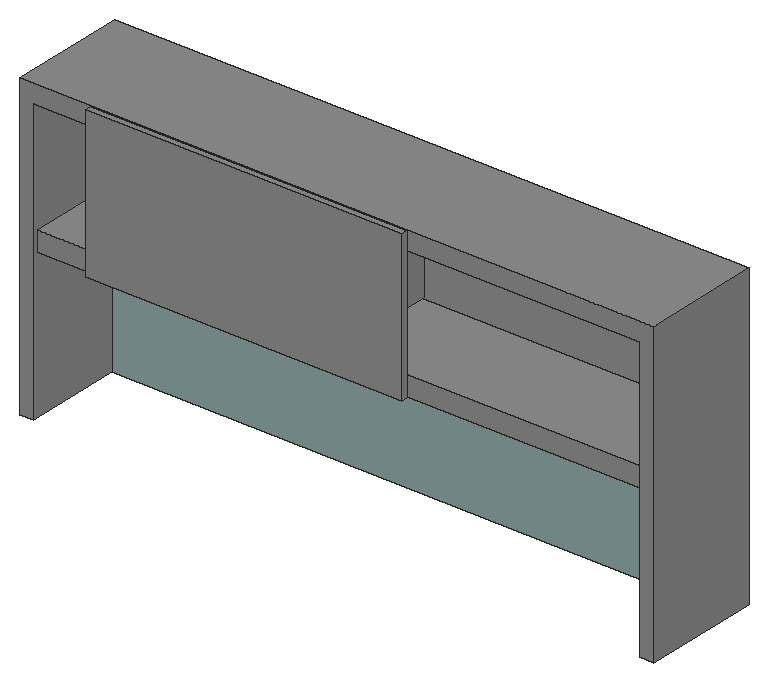
Revit family "Haworth_XSeries_VerticalStorage", category Furniture Systems, Revit 2019
Family settings
  Round Connector Dimension = Use Diameter
  Part Type = Normal
  OmniClass Number = 23.40.70.14.64.21
  OmniClass Title = Systems Furniture
  Work Plane-Based = No
  Always vertical = Yes
  Cut with Voids When Loaded = No
  Shared = No
  Room Calculation Point = No
Parameters (values of type "14d 34h 72w - Sliding Door")
  Tackboard Finish [instance] = Haworth _ Fabric _ Tellure _ Miami 3A-33
  Sliding Door = yes
  Open = not(or(Sliding Door, Flip Door))  # no
  Flip Door = no
  Door2 = or(Sliding Door, and(Flip Door, Actual Width > 48"))  # yes
  Door Width = if(and(Flip Door, Actual Width > 48"), Actual Width / 2 - 3/8", if(and(Flip Door, Actual Width < 49"), Actual Width - 5/8", Actual Width / 2))  # 36"
  Door Height = 17"  # constant formula
  Door 2 Left Edge = if(Sliding Door, 8", 1/8")  # 8"
  Door 1 Right Edge = if(Width > 48", 1/8", 5/16")  # 1/8"
  Divider Half = if(Flip Door, 3/4", 1/16")  # 1/16"
  Center Vertical = and(Actual Width > 48", Flip Door)  # no
  Width = 72"
  Warranty = "https://cdn.shopify.com/s/files/1/0561/5304/7249/files/Haworth_North_America_Online_Warranty_2022.pdf?v=1660247284"
  URL - Product = "https://www.haworth.com/na/en/products/active-storage/x-series.html"
  Sustainability Info = "https://www.haworth.com/na/en/expertise/research/sustainability.html"
  Model = "JUFL-3372"  # constant formula
  Door Finish [instance] = Haworth _ Paint _ Graphite
  Description = "Haworth XSeries Vertical Storage Unit"  # constant formula
  Custom Size = not(or(Width = 48", Width = 60", Width = 66", Width = 72"))  # no
  Cabinet Finish [instance] = Haworth _ Paint _ Graphite
  Assembly Code = "E2020200"
  URL = "http://www.haworth.com/"
  Size = "Verify Final Dim. w/ Haworth"  # constant formula
  Revision Number = "4"  # constant formula
  Mounting Offset [instance] = 29"
  Min. Width = 48"  # constant formula
  Max. Width = 72"  # constant formula
  Manufacturer = "Haworth"  # constant formula
  Author = "Haworth (Hampton), SHAPE Environments, LLC"  # constant formula
  Standard Widths = "48, 60, 66, 72 in."  # constant formula
  Actual Width = if(Width > Max. Width, Max. Width, if(Width < Min. Width, Min. Width, Width))  # 72"
  Actual Height = 34 1/4"  # constant formula
  Actual Depth = 14 1/4"  # constant formula
Types (3): name | Sliding Door | Open | Flip Door | Door2 | Door Width | Door 2 Left Edge | Divider Half | Center Vertical
  14d 34h 72w - Flipper Doors | no | no | yes | yes | 35 5/8" | 1/8" | 3/4" | yes
  14d 34h 72w - Sliding Door | yes | no | no | yes | 36" | 8" | 1/16" | no
  14d 34h 72w - Open | no | yes | no | no | 36" | 1/8" | 1/16" | no
Reference planes (in)
  plane 1 "Back": y = 0
  plane 2: z = 0
  plane 3 "Center L/R": x = 12.5
  plane 4 "Bottom": z = 29
  plane 5 "Top": z = 63.25
  plane 6 "left": x = -23.5
  plane 7 "right": x = 48.5
  plane 8 "Inside Right": x = 46.96875
  plane 9 "Inside Left": x = -21.96875
  plane 10 "Top of Shelf": z = 48.1875
  plane 11 "Door Thickness": y = -14.25
  plane 12 "Tackboard Thickness": y = -2.375
  plane 13 "Front": y = -13.5
  plane 14 "Back Thickness": y = -1.25
  plane 15 "bottom of shelf": z = 48
  plane 16 "bottom of apron": z = 46.25
  plane 17 "Bottom of Top": z = 61.1875
  plane 18 "Mid Point of Apron": z = 47.5625
  plane 19 "Right Door edge": x = 48.375
  plane 20 "Front of Shelf": y = -13.0625
  plane 21 "Apron Set Back": y = -12.5
  plane 22 "Back of Apron": y = -11.75
  plane 23: y = -1.4375
  plane 24: y = -2.125
  plane 25 "Top of Door": z = 63.1875
  plane 26 "Bottom of Door": z = 45.9375
  plane 27 "Divider - Left Side": x = 12.4375
  plane 28 "Divider Right Side": x = 12.5625
  plane 29 "Left Door Edge": x = -15.5
Forms (in)
  Extrusion 1, solid, material "Haworth _ Paint _ Graphite" <- "Cabinet Finish"
    sketch origin (0, 0, 0) x (1, 0, 0) y (0, 1, 0)
      loop
        line (-23.5, 0) -> (-23.5, -13.5) -> (-21.96875, -13.5) -> (-21.96875, 0) -> (-23.5, 0)
    from 29 to 63.25
  Extrusion 2, solid, material "Haworth _ Paint _ Graphite" <- "Cabinet Finish"
    sketch origin (0, 0, 0) x (1, 0, 0) y (0, 1, 0)
      loop
        line (46.96875, 0) -> (46.96875, -13.5) -> (48.5, -13.5) -> (48.5, 0) -> (46.96875, 0)
    from 29 to 63.25
  Extrusion 3, solid, material "Haworth _ Paint _ Graphite" <- "Cabinet Finish"
    sketch origin (-23.5, 0, 0) x (0, 0, 1) y (0, -1, 0)
      loop
        line (63.25, 0) -> (63.25, 1.25) -> (46.25, 1.25) -> (46.25, 2.375) -> (29, 2.375) -> (29, 0) -> (63.25, 0)
    from 1.53125 to 70.46875
  Extrusion 4, solid, material "Haworth _ Paint _ Graphite" <- "Cabinet Finish"
    sketch origin (-23.5, 0, 0) x (0, 0, 1) y (0, -1, 0)
      loop
        line (48.1875, 1.4375) -> (48.1875, 13.0625) -> (45.9375, 13.0625) -> (45.9375, 12.5) -> (46.25, 12.5) -> (46.25, 11.75) -> (48, 11.75) -> (48, 2.125) -> (46.25, 2.125) -> (46.25, 1.4375) -> (48.1875, 1.4375)
    from 1.53125 to 70.46875
  Extrusion 5, solid, material "Haworth _ Paint _ Graphite" <- "Cabinet Finish"
    sketch origin (-23.5, 0, 0) x (0, 0, 1) y (0, -1, 0)
      loop
        line (63.25, 1.25) -> (63.25, 13.5) -> (61.1875, 13.5) -> (61.1875, 1.25) -> (63.25, 1.25)
    from 1.53125 to 70.46875
  Extrusion 6, solid, material "Haworth _ Paint _ Graphite" <- "Cabinet Finish", visible <- "Center Vertical"
    sketch origin (12.5, 0, 0) x (0, 1, 0) y (0, 0, 1)
      loop
        line (-13.0625, 47.31165) -> (-13.0625, 61.1875) -> (-13.3125, 61.1875) -> (-13.3125, 46.25) -> (-12.5, 46.25) -> (-12.5, 47.31165) -> (-13.0625, 47.31165)
    from 0.0625 to -0.0625
  Extrusion 7, solid, material "Haworth _ Paint _ Graphite" <- "Door Finish", visible <- "Sliding Door"
    sketch origin (12.5, 0, 0) x (0, 1, 0) y (0, 0, 1)
      loop
        line (-12.5, 61.1875) -> (-12.5, 48.1875) -> (-1.25, 48.1875) -> (-1.25, 61.1875) -> (-12.5, 61.1875)
    from -0.0625 to 0.0625
Cuts and joins
  joined: Extrusion 1, Extrusion 2, Extrusion 3, Extrusion 5
Lines and regions (in)
  Masking region 1
    outline origin (0, 0, 63.25) x (-1, 0, 0) y (0, -1, 0)
      loop
        line (-48.5, 0) -> (23.5, 0) -> (23.5, 14.25) -> (-48.5, 14.25) -> (-48.5, 0)
  model lines, style "InvisibleLines", not visible
    curve 1: line (12.5, -6.75, 28.34375) -> (12.5, -6.75, 0.65625)
Dimensions and locks (in)
  "Actual Width": plane 7 "right" to plane 6 "left"
  "Mounting Offset": plane 4 "Bottom" to level
  "Actual Height": plane 5 "Top" to plane 4 "Bottom"
  locked: plane 12 "Tackboard Thickness" to plane 1 "Back" at 2.375
  locked: plane 13 "Front" to plane 11 "Door Thickness" at 0.75
  locked: plane 14 "Back Thickness" to plane 1 "Back" at 1.25
  locked: plane 6 "left" to plane 9 "Inside Left" at 1.53125
  Extrusion 1 to plane 17 "Bottom of Top" = 2 1/16"
  locked: plane 17 "Bottom of Top" to plane 10 "Top of Shelf" at 13
  locked: plane 20 "Front of Shelf" to Extrusion 1 at 0.4375
  locked: plane 21 "Apron Set Back" to plane 20 "Front of Shelf" at 0.5625
  locked: plane 22 "Back of Apron" to plane 21 "Apron Set Back" at 0.75
  locked: Extrusion 3 to plane 12 "Tackboard Thickness" at 1.125
  plane 14 "Back Thickness" to plane 23 = 3/16"
  plane 23 to plane 24 = 11/16"
  plane 24 to plane 12 "Tackboard Thickness" = 1/4"
  locked: plane 5 "Top" to plane 25 "Top of Door" at 0.0625
  "Door 1 Right Edge": plane 7 "right" to plane 19 "Right Door edge"
  locked: plane 7 "right" to plane 8 "Inside Right" at 1.53125
  plane 10 "Top of Shelf" to plane 15 "bottom of shelf" to plane 18 "Mid Point of Apron" to plane 16 "bottom of apron" to plane 26 "Bottom of Door" to plane 4 "Bottom" = 3/16" locked, 7/16" locked, 1 5/16" locked, 5/16" locked, 16 15/16" locked
  "Actual Depth": plane 11 "Door Thickness" to plane 1 "Back"
  "Divider Half": plane 3 "Center L/R" to plane 27 "Divider - Left Side"
  "Divider Half": plane 28 "Divider Right Side" to plane 3 "Center L/R"
  equal spacing: plane 7 "right", plane 3 "Center L/R", plane 6 "left"
  "Door 2 Left Edge": plane 29 "Left Door Edge" to plane 6 "left"
  aligned and locked: plane 6 "left" to Extrusion 1 sketch curve
  aligned and locked: plane 1 "Back" to Extrusion 1 sketch curve
  aligned and locked: plane 9 "Inside Left" to Extrusion 1 sketch curve
  aligned and locked: plane 13 "Front" to Extrusion 1 sketch curve
  aligned and locked: Extrusion 1 to plane 4 "Bottom"
  aligned and locked: plane 13 "Front" to Extrusion 2 sketch curve
  aligned and locked: plane 8 "Inside Right" to Extrusion 2 sketch curve
  aligned and locked: Extrusion 2 sketch curve to plane 7 "right"
  aligned and locked: plane 1 "Back" to Extrusion 2 sketch curve
  aligned and locked: plane 5 "Top" to Extrusion 2
  aligned and locked: Extrusion 2 to plane 4 "Bottom"
  aligned and locked: plane 4 "Bottom" to Extrusion 3 sketch curve
  aligned and locked: Extrusion 3 sketch curve to plane 5 "Top"
  aligned and locked: plane 1 "Back" to Extrusion 3 sketch curve
  aligned and locked: plane 14 "Back Thickness" to Extrusion 3 sketch curve
  aligned and locked: plane 9 "Inside Left" to Extrusion 3
  aligned and locked: plane 8 "Inside Right" to Extrusion 3
  aligned and locked: Extrusion 4 sketch curve to plane 23
  aligned and locked: Extrusion 4 sketch curve to plane 24
  aligned and locked: Extrusion 4 sketch curve to plane 10 "Top of Shelf"
  aligned and locked: plane 15 "bottom of shelf" to Extrusion 4 sketch curve
  aligned and locked: Extrusion 4 sketch curve to plane 20 "Front of Shelf"
  aligned and locked: plane 21 "Apron Set Back" to Extrusion 4 sketch curve
  aligned and locked: plane 16 "bottom of apron" to Extrusion 4 sketch curve
  aligned and locked: Extrusion 4 sketch curve to plane 22 "Back of Apron"
  aligned and locked: plane 8 "Inside Right" to Extrusion 4
  aligned and locked: plane 9 "Inside Left" to Extrusion 4
  aligned and locked: plane 17 "Bottom of Top" to Extrusion 5 sketch curve
  aligned and locked: Extrusion 5 sketch curve to plane 5 "Top"
  aligned and locked: plane 13 "Front" to Extrusion 5 sketch curve
  aligned and locked: plane 8 "Inside Right" to Extrusion 5
  aligned and locked: plane 19 "Right Door edge" to nested 2
  aligned and locked: plane 25 "Top of Door" to nested 2
  aligned and locked: plane 7 "right" to Masking region 1
  aligned and locked: Masking region 1 to plane 1 "Back"
  aligned and locked: Masking region 1 to plane 11 "Door Thickness"
  aligned and locked: Masking region 1 to plane 6 "left"
  aligned and locked: plane 5 "Top" to cut or joined group of Extrusion 1, Extrusion 2, Extrusion 3, Extrusion 5
  aligned and locked: Extrusion 4 to plane 26 "Bottom of Door"
  aligned and locked: Extrusion 6 to plane 28 "Divider Right Side"
  aligned and locked: Extrusion 6 to plane 27 "Divider - Left Side"
  aligned and locked: plane 29 "Left Door Edge" to nested 1
  aligned and locked: plane 21 "Apron Set Back" to Extrusion 7 sketch curve
  aligned and locked: plane 10 "Top of Shelf" to Extrusion 7 sketch curve
  aligned and locked: Extrusion 7 sketch curve to plane 14 "Back Thickness"
  aligned and locked: Extrusion 7 sketch curve to plane 17 "Bottom of Top"
  aligned and locked: Extrusion 7 to plane 27 "Divider - Left Side"
  aligned and locked: Extrusion 7 to plane 28 "Divider Right Side"
Automatic sketch dimensions
  Extrusion 4 sketch curve to plane 16 "bottom of apron" = 0"
  Extrusion 4 sketch curve to plane 18 "Mid Point of Apron" = 1 5/8"
  plane 1 "Back" to Extrusion 5 sketch curve = 1 1/4"
  level to curve 1 = 21/32"
  curve 1 to plane 4 "Bottom" = 21/32"
  curve 1 to plane 12 "Tackboard Thickness" = 4 3/8"
  plane 8 "Inside Right" to Masking region 1 sketch curve = 1 17/32"
  plane 22 "Back of Apron" to Masking region 1 sketch curve = 2 1/2"
  Masking region 1 sketch curve to Masking region 1 sketch curve = 72"
  plane 12 "Tackboard Thickness" to Masking region 1 sketch curve = 2 3/8"
  Extrusion 6 sketch curve to plane 16 "bottom of apron" = 0"
  Extrusion 6 sketch curve to plane 17 "Bottom of Top" = 0"
  plane 20 "Front of Shelf" to Extrusion 6 sketch curve = 0"
  plane 13 "Front" to Extrusion 6 sketch curve = 3/16"
  Extrusion 6 sketch curve to plane 21 "Apron Set Back" = 0"
  Extrusion 6 sketch curve to plane 18 "Mid Point of Apron" = 0.25085"
  Extrusion 3 sketch curve to plane 12 "Tackboard Thickness" = 0"
  Extrusion 3 sketch curve to plane 16 "bottom of apron" = 0"
Nested families (in)
  nested 1: "Haworth_Door-Panel_Swing" at (1.3198, -13.84476, 46.1875), visible <- "Door2", type "Swing"
    with Sliding yes, Flip no, Door Width 36"
  nested 2: "Haworth_Door-Panel_Swing" at (29.1948, -13.84476, 46.1875), visible <- "Flip Door", type "Swing"
    with Sliding yes, Flip no, Door Width 36"
Definition of nested family "Haworth_Door-Panel_Swing"
  Parameters
    URL = "www.haworth.com"
    Sliding = no
    Revision Number = "1"  # constant formula
    Revision Date = ""
    Pull Offset = 1 1/2"
    Linear Pull = no
    Flip = yes
    Finger Pull Location = if(Finger Pull, Door Height + 1/4", 0.15")  # 0.15"
    Finger Pull = no
    Door Pull Location = 1"
    Door Pull Length = 8"
    Door Pull Finish = none
    Bar Pull = no
    Classic Pull = no
    Assembly Code = ""
    Pull Offset Centerline = 3"
    Pull Height Centerline = 6"
    Door Width = 35 5/8"
    Door Height = 17"
    Door Finish = none
    Door Depth = 3/4"
    Manufacturer = "Haworth"  # constant formula
    Author = "SHAPE Environments, LLC"  # constant formula
  Reference planes (in)
    plane 1 "Center F/B": y = -0.03024
    plane 2: z = 0
    plane 3 "Center L/R": x = 1.1802
    plane 4 "Left": x = -16.6323
    plane 5 "Right": x = 18.9927
    plane 6 "Back": y = 0.34476
    plane 7 "Front": y = -0.40524
    plane 8 "Top": z = 17
    plane 9 "Pull Offset": x = 15.9927
    plane 10 "Pull Height": z = 6
    plane 11 "Finger Pull Top": z = -0.1
    plane 12 "Finger Pull Bottom": z = -0.25
    plane 13 "Center": z = 8.5
    plane 14 "Slide Left": x = -4.8198
    plane 15 "Slide Right": x = 7.1802
  Forms (in)
    Extrusion 1, solid, material <- "Door Finish"
      sketch origin (0, -0.03024, 0) x (1, 0, 0) y (0, 0, 1)
        loop
          line (-16.6323, 17) -> (-16.6323, 0) -> (18.9927, 0) -> (18.9927, 17) -> (-16.6323, 17)
      from -0.375 to 0.375
    Extrusion 2, void
      sketch origin (2.36041, 0, 0) x (-1, 0, 0) y (0, -1, 0)
        loop
          line (-16.6323, 0.40524) -> (-16.6323, -0.19476) -> (-15.6323, -0.19476)
          arc (-15.6323, -0.19476) -> (-15.43292, 0.00462) -> (-15.6323, 0.204) r 0.19938
          line (-15.6323, 0.204) -> (-16.03168, 0.204)
          arc (-16.03168, 0.204) -> (-16.1323, 0.30462) -> (-16.03168, 0.40524) r 0.10062
          line (-16.03168, 0.40524) -> (-16.6323, 0.40524)
      from -0.25 to -0.1
  Cuts and joins
    Extrusion 2 cuts Extrusion 1
  Lines and regions (in)
    Masking region 1, detail levels medium+fine
      outline origin (0, 0, 0) x (1, 0, 0) y (0, 1, 0)
        loop
          line (-16.6323, 0.34476) -> (-16.6323, -0.40524) -> (18.9927, -0.40524) -> (18.9927, 0.34476) -> (-16.6323, 0.34476)
    symbolic lines
      curve 1: line (-16.6323, 0.34476, 0) -> (18.9927, 0.34476, 0)
      curve 2: line (-16.6323, -0.40524, 0) -> (-16.6323, 0.34476, 0)
      curve 3: line (18.9927, -0.40524, 0) -> (-16.6323, -0.40524, 0)
      curve 4: line (18.9927, 0.34476, 0) -> (18.9927, -0.40524, 0)
    symbolic lines, visible <- "Sliding", detail levels fine
      curve 5: line (-4.8198, -0.40524, 8.5) -> (7.1802, -0.40524, 8.5)
      curve 6: line (-4.8198, -0.40524, 8.5) -> (-2.87525, -0.40524, 10.44454)
      curve 7: line (-4.8198, -0.40524, 8.5) -> (-2.87525, -0.40524, 6.55546)
      curve 8: line (7.1802, -0.40524, 8.5) -> (5.23566, -0.40524, 10.44454)
      curve 9: line (7.1802, -0.40524, 8.5) -> (5.23566, -0.40524, 6.55546)
    symbolic lines, visible <- "Flip", detail levels fine
      curve 10: line (-16.6323, -0.40524, 0) -> (1.1802, -0.40524, 17)
      curve 11: line (1.1802, -0.40524, 17) -> (18.9927, -0.40524, 0)
  Dimensions and locks (in)
    "Door Height": plane 8 "Top" to level
    equal spacing: plane 6 "Back", plane 1 "Center F/B", plane 7 "Front"
    "Door Depth": plane 6 "Back" to plane 7 "Front"
    equal spacing: plane 4 "Left", plane 3 "Center L/R", plane 5 "Right"
    "Door Width": plane 4 "Left" to plane 5 "Right"
    "Pull Height Centerline": plane 10 "Pull Height" to level
    "Finger Pull Location": plane 11 "Finger Pull Top" to plane 12 "Finger Pull Bottom"
    locked: plane 2 to plane 12 "Finger Pull Bottom" at 0.25
    "Pull Offset Centerline": plane 5 "Right" to plane 9 "Pull Offset"
    equal spacing: plane 8 "Top", plane 13 "Center", level
    plane 15 "Slide Right" to plane 3 "Center L/R" to plane 14 "Slide Left" = 6" locked, 6" locked
    aligned and locked: plane 4 "Left" to Extrusion 1 sketch curve
    aligned and locked: Extrusion 1 sketch curve to plane 5 "Right"
    aligned and locked: Extrusion 1 sketch curve to plane 8 "Top"
    aligned and locked: level to Extrusion 1 sketch curve
    aligned and locked: plane 6 "Back" to Extrusion 1
    aligned and locked: Extrusion 1 to plane 7 "Front"
    aligned and locked: plane 9 "Pull Offset" to nested 1
    aligned and locked: plane 10 "Pull Height" to nested 1
    aligned: nested 1 to plane 7 "Front"
    aligned and locked: Extrusion 1 to plane 4 "Left"
    aligned and locked: Extrusion 2 to plane 12 "Finger Pull Bottom"
    aligned and locked: plane 11 "Finger Pull Top" to Extrusion 2
    aligned and locked: nested 1 to plane 7 "Front"
  Automatic sketch dimensions
    curve 3 to plane 4 "Left" = 0"
    curve 3 to plane 5 "Right" = 0"
    curve 3 to plane 7 "Front" = 0"
    curve 2 to plane 6 "Back" = 0"
    Masking region 1 sketch curve to plane 4 "Left" = 0"
    Masking region 1 sketch curve to plane 5 "Right" = 0"
    Masking region 1 sketch curve to plane 7 "Front" = 0"
    Masking region 1 sketch curve to plane 6 "Back" = 0"
    curve 11 to level = 0"
    curve 11 to plane 5 "Right" = 0"
    curve 8 to plane 13 "Center" = 0"
    plane 15 "Slide Right" to curve 8 = 0"
    curve 11 to plane 3 "Center L/R" = 0"
    curve 5 to plane 14 "Slide Left" = 0"
    curve 10 to level = 0"
    curve 10 to plane 4 "Left" = 0"
    curve 11 to plane 8 "Top" = 0"
    plane 15 "Slide Right" to curve 8 = 1.94454"
    plane 10 "Pull Height" to curve 9 = 0.55546"
    plane 15 "Slide Right" to curve 9 = 1.94454"
    plane 14 "Slide Left" to curve 6 = 1.94454"
    plane 10 "Pull Height" to curve 7 = 0.55546"
    plane 14 "Slide Left" to curve 7 = 1.94454"
    Extrusion 2 sketch curve to plane 5 "Right" = 0"
    Extrusion 2 sketch curve to plane 7 "Front" = 0"
    Extrusion 2 sketch curve to plane 1 "Center F/B" = 0.17376"
    plane 5 "Right" to Extrusion 2 sketch curve = 0.60062"
    plane 6 "Back" to Extrusion 2 sketch curve = 0.15"
    Extrusion 2 sketch curve to Extrusion 2 sketch curve = 0.39938"
  Nested families (in)
    nested 1: "Haworth_Door-Pulls" at (17.27585, -0.375, 6), type "Pull", detail levels medium+fine
